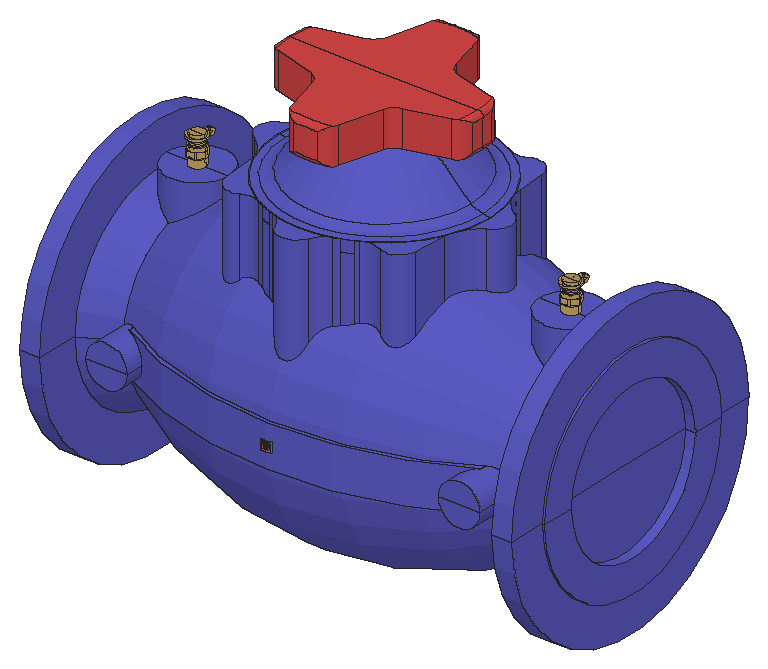
Revit family "Strangregulierventil für Differenzdruckmessung, Geradsitzform 4218 GMF", category Rohrzubehör, Revit 2021 (continued)
Definition of nested family "Messstutzen_Band_Austritt_senkrecht_(oben 25)"
  Forms (mm)
    Extrusion 4, solid, detail levels fine
      sketch origin (12.045, 0, 25.83) x (0, 1, 0) y (0.906308, 0, -0.422618)
        loop
          circle (0, 0) r 3.7
        loop
          arc (5.505, -3.906) -> (7.288, -2.358) -> (9.582, -1.8) r 5
          line (9.582, -1.8) -> (9.582, 1.8)
          arc (9.582, 1.8) -> (7.288, 2.358) -> (5.505, 3.906) r 5
          arc (5.505, 3.906) -> (-6.75, 0) -> (5.505, -3.906) r 6.75
      from 0 to -1.5
    Extrusion 5, solid, detail levels fine
      sketch origin (14.022, 0, 30.07) x (0, 1, 0) y (0.906308, 0, -0.422618)
        loop
          circle (0, 0) r 6.1
        loop
          arc (8.652, -4.495) -> (10.493, -2.527) -> (13.089, -1.8) r 5
          line (13.089, -1.8) -> (13.089, 1.8)
          arc (13.089, 1.8) -> (10.493, 2.527) -> (8.652, 4.495) r 5
          arc (8.652, 4.495) -> (-9.75, 0) -> (8.652, -4.495) r 9.75
      from 0 to -1.5
    Sweep 6, solid, detail levels fine
      path origin (0.876, 0.242, 1.118) x (-0.422618, 0, -0.906308) y (0, 1, 0)
        loop
          line (-27.75, 9.582) -> (-27.75, 14.522)
          arc (-27.75, 14.522) -> (-30.089, 16.862) -> (-32.428, 14.522) r 2.339
          line (-32.428, 14.522) -> (-32.428, 13.089)
      profile origin (12.603, 12.294, 26.268) x (0.422618, 0, 0.906308) y (0.906308, 0, -0.422618)
        loop
          line (-0.75, -1.8) -> (0.75, -1.8) -> (0.75, 1.8) -> (-0.75, 1.8) -> (-0.75, -1.8)
  Dimensions and locks
    aligned and locked: level to plane 2
Definition of nested family "Messstutzen_Band_Austritt_senkrecht_(oben 0.8)"
  Parameters (values of type "Messstutzen_Band_Austritt_senkrecht_(oben 0.8)")
    Default Elevation = 0.00 mm
    URL = "www.herz-armaturen.at"
    Schutzkappe [instance] = yes
    Nennweite [instance] = 0.00 mm
    Manufacturer = "Herz Armaturen GmbH"  # constant formula
    Gewicht [instance] = 0.00 kg
    Bestellnummer [instance] = 0
  Reference planes
    plane 1 "Mitte (Vorne/hinten)": y = 0
    plane 2: z = 0
    plane 3 "Mitte (Links/rechts)": x = 0
  Forms (mm)
    Revolve 1, solid, detail levels fine
      sketch origin (0, 0, 0) x (0.999903, 0, -0.013962) y (0.013962, 0, 0.999903)
        loop
          line (-7.4, 9) -> (-5.55, 9) -> (-5.55, 6)
          arc (-5.55, 6) -> (-5.626, 5.617) -> (-5.843, 5.293) r 1
          line (-5.843, 5.293) -> (-6.455, 4.681) -> (-6.455, 0.9) -> (-5.555, 0) -> (-2, 0) -> (-2, 17.5) -> (-8.4, 17.5)
          arc (-8.4, 17.5) -> (-7.693, 17.207) -> (-7.4, 16.5) r 1
          line (-7.4, 16.5) -> (-7.4, 9)
        loop
          line (-3.7, 27) -> (-7.3, 27) -> (-7.9, 26.4) -> (-7.9, 23) -> (-2, 23) -> (-2, 35.8) -> (-3.805, 35.8) -> (-4.415, 35.19) -> (-4.415, 30.863) -> (-3.7, 30.45) -> (-3.7, 27)
        axis (0, 0) -> (0, 35.8)
      angle from 0 to 360
    Extrusion 2, solid, detail levels fine
      sketch origin (0.244, 0, 17.498) x (0, 1, 0) y (-0.999903, 0, 0.013962)
        loop
          arc (-7.07, 5.156) -> (-7.578, 4.375) -> (-8, 3.544) r 8.75
          line (-8, 3.544) -> (-8, -3.544)
          arc (-8, -3.544) -> (-7.578, -4.375) -> (-7.07, -5.156) r 8.75
          line (-7.07, -5.156) -> (-0.93, -8.7)
          arc (-0.93, -8.7) -> (0, -8.75) -> (0.93, -8.7) r 8.75
          line (0.93, -8.7) -> (7.07, -5.156)
          arc (7.07, -5.156) -> (7.578, -4.375) -> (8, -3.544) r 8.75
          line (8, -3.544) -> (8, 3.544)
          arc (8, 3.544) -> (7.578, 4.375) -> (7.07, 5.156) r 8.75
          line (7.07, 5.156) -> (0.93, 8.7)
          arc (0.93, 8.7) -> (0, 8.75) -> (-0.93, 8.7) r 8.75
          line (-0.93, 8.7) -> (-7.07, 5.156)
      from 0 to 5.5
    Revolve 3, solid, visible <- "Schutzkappe", detail levels fine
      sketch origin (0, 0, 0) x (0.999903, 0, -0.013962) y (0.013962, 0, 0.999903)
        loop
          line (0, 35.878) -> (0, 36.678) -> (-7, 36.678) -> (-7, 33.378) -> (-6.1, 33.378) -> (-6.1, 31.678) -> (-6.9, 31.678) -> (-6.9, 30.178) -> (-4.415, 30.178) -> (-4.415, 35.268) -> (-3.805, 35.878) -> (0, 35.878)
        axis (0, 30.178) -> (0, 36.678)
      angle from 0 to 360
    Extrusion 4, solid, detail levels fine
      sketch origin (0.398, 0, 28.497) x (0, 1, 0) y (0.999903, 0, -0.013962)
        loop
          circle (0, 0) r 3.7
        loop
          arc (5.505, -3.906) -> (7.288, -2.358) -> (9.582, -1.8) r 5
          line (9.582, -1.8) -> (9.582, 1.8)
          arc (9.582, 1.8) -> (7.288, 2.358) -> (5.505, 3.906) r 5
          arc (5.505, 3.906) -> (-6.75, 0) -> (5.505, -3.906) r 6.75
      from 0 to -1.5
    Extrusion 5, solid, detail levels fine
      sketch origin (0.463, 0, 33.175) x (0, 1, 0) y (0.999903, 0, -0.013962)
        loop
          circle (0, 0) r 6.1
        loop
          arc (8.652, -4.495) -> (10.493, -2.527) -> (13.089, -1.8) r 5
          line (13.089, -1.8) -> (13.089, 1.8)
          arc (13.089, 1.8) -> (10.493, 2.527) -> (8.652, 4.495) r 5
          arc (8.652, 4.495) -> (-9.75, 0) -> (8.652, -4.495) r 9.75
      from 0 to -1.5
    Sweep 6, solid, detail levels fine
      path origin (0.514, 0.493, 1.007) x (-0.013962, 0, -0.999903) y (0, 1, 0)
        loop
          line (-27.75, 9.582) -> (-27.75, 14.522)
          arc (-27.75, 14.522) -> (-30.089, 16.862) -> (-32.428, 14.522) r 2.339
          line (-32.428, 14.522) -> (-32.428, 13.089)
      profile origin (0.901, 12.545, 28.754) x (0.013962, 0, 0.999903) y (0.999903, 0, -0.013962)
        loop
          line (-0.75, -1.8) -> (0.75, -1.8) -> (0.75, 1.8) -> (-0.75, 1.8) -> (-0.75, -1.8)
  Dimensions and locks
    aligned and locked: level to plane 2
Definition of nested family "Messstutzen_Band_Eintritt_senkrecht_(oben 10)"
  Parameters (values of type "Messstutzen_Band_Eintritt_senkrecht_(oben 10)")
    Default Elevation = 0.00 mm
    URL = "www.herz-armaturen.at"
    Schutzkappe [instance] = yes
    Nennweite [instance] = 0.00 mm
    Manufacturer = "Herz Armaturen GmbH"  # constant formula
    Gewicht [instance] = 0.00 kg
    Bestellnummer [instance] = 0
  Reference planes
    plane 1 "Mitte (Vorne/hinten)": y = 0
    plane 2: z = 0
    plane 3 "Mitte (Links/rechts)": x = 0
  Forms (mm)
    Revolve 1, solid, detail levels fine
      sketch origin (0, 0, 0) x (0.984808, 0, 0.173648) y (-0.173648, 0, 0.984808)
        loop
          line (-7.4, 9) -> (-5.55, 9) -> (-5.55, 6)
          arc (-5.55, 6) -> (-5.626, 5.617) -> (-5.843, 5.293) r 1
          line (-5.843, 5.293) -> (-6.455, 4.681) -> (-6.455, 0.9) -> (-5.555, 0) -> (-2, 0) -> (-2, 17.5) -> (-8.4, 17.5)
          arc (-8.4, 17.5) -> (-7.693, 17.207) -> (-7.4, 16.5) r 1
          line (-7.4, 16.5) -> (-7.4, 9)
        loop
          line (-3.7, 27) -> (-7.3, 27) -> (-7.9, 26.4) -> (-7.9, 23) -> (-2, 23) -> (-2, 35.8) -> (-3.805, 35.8) -> (-4.415, 35.19) -> (-4.415, 30.863) -> (-3.7, 30.45) -> (-3.7, 27)
        axis (0, 0) -> (0, 35.8)
      angle from 0 to 360
    Extrusion 2, solid, detail levels fine
      sketch origin (-3.039, 0, 17.234) x (0, 1, 0) y (-0.984808, 0, -0.173648)
        loop
          arc (-7.07, 5.156) -> (-7.578, 4.375) -> (-8, 3.544) r 8.75
          line (-8, 3.544) -> (-8, -3.544)
          arc (-8, -3.544) -> (-7.578, -4.375) -> (-7.07, -5.156) r 8.75
          line (-7.07, -5.156) -> (-0.93, -8.7)
          arc (-0.93, -8.7) -> (0, -8.75) -> (0.93, -8.7) r 8.75
          line (0.93, -8.7) -> (7.07, -5.156)
          arc (7.07, -5.156) -> (7.578, -4.375) -> (8, -3.544) r 8.75
          line (8, -3.544) -> (8, 3.544)
          arc (8, 3.544) -> (7.578, 4.375) -> (7.07, 5.156) r 8.75
          line (7.07, 5.156) -> (0.93, 8.7)
          arc (0.93, 8.7) -> (0, 8.75) -> (-0.93, 8.7) r 8.75
          line (-0.93, 8.7) -> (-7.07, 5.156)
      from 0 to 5.5
    Revolve 3, solid, visible <- "Schutzkappe", detail levels fine
      sketch origin (0, 0, 0) x (0.984808, 0, 0.173648) y (-0.173648, 0, 0.984808)
        loop
          line (0, 35.878) -> (0, 36.678) -> (-7, 36.678) -> (-7, 33.378) -> (-6.1, 33.378) -> (-6.1, 31.678) -> (-6.9, 31.678) -> (-6.9, 30.178) -> (-4.415, 30.178) -> (-4.415, 35.268) -> (-3.805, 35.878) -> (0, 35.878)
        axis (0, 30.178) -> (0, 36.678)
      angle from 0 to 360
    Extrusion 4, solid, detail levels fine
      sketch origin (-4.949, 0, 28.067) x (0, 1, 0) y (0.984808, 0, 0.173648)
        loop
          circle (0, 0) r 3.7
        loop
          arc (5.505, -3.906) -> (7.288, -2.358) -> (9.582, -1.8) r 5
          line (9.582, -1.8) -> (9.582, 1.8)
          arc (9.582, 1.8) -> (7.288, 2.358) -> (5.505, 3.906) r 5
          arc (5.505, 3.906) -> (-6.75, 0) -> (5.505, -3.906) r 6.75
      from 0 to -1.5
    Extrusion 5, solid, detail levels fine
      sketch origin (-5.761, 0, 32.674) x (0, 1, 0) y (0.984808, 0, 0.173648)
        loop
          circle (0, 0) r 6.1
        loop
          arc (8.652, -4.495) -> (10.493, -2.527) -> (13.089, -1.8) r 5
          line (13.089, -1.8) -> (13.089, 1.8)
          arc (13.089, 1.8) -> (10.493, 2.527) -> (8.652, 4.495) r 5
          arc (8.652, 4.495) -> (-9.75, 0) -> (8.652, -4.495) r 9.75
      from 0 to -1.5
    Sweep 6, solid, detail levels fine
      path origin (0.6, 0.141, 0.838) x (0.173648, 0, -0.984808) y (0, 1, 0)
        loop
          line (-27.75, 9.582) -> (-27.75, 14.522)
          arc (-27.75, 14.522) -> (-30.089, 16.862) -> (-32.428, 14.522) r 2.339
          line (-32.428, 14.522) -> (-32.428, 13.089)
      profile origin (-4.219, 12.193, 28.166) x (-0.173648, 0, 0.984808) y (0.984808, 0, 0.173648)
        loop
          line (-0.75, -1.8) -> (0.75, -1.8) -> (0.75, 1.8) -> (-0.75, 1.8) -> (-0.75, -1.8)
  Dimensions and locks
    aligned and locked: level to plane 2
Definition of nested family "Messstutzen_Band_Eintritt_senkrecht_(oben 15)"
  Parameters (values of type "Messstutzen_Band_Eintritt_senkrecht_(oben 15)")
    Default Elevation = 0.00 mm
    URL = "www.herz-armaturen.at"
    Schutzkappe [instance] = yes
    Nennweite [instance] = 0.00 mm
    Manufacturer = "Herz Armaturen GmbH"  # constant formula
    Gewicht [instance] = 0.00 kg
    Bestellnummer [instance] = 0
  Reference planes
    plane 1 "Mitte (Vorne/hinten)": y = 0
    plane 2: z = 0
    plane 3 "Mitte (Links/rechts)": x = 0
  Forms (mm)
    Revolve 1, solid, detail levels fine
      sketch origin (0, 0, 0) x (0.965926, 0, 0.258819) y (-0.258819, 0, 0.965926)
        loop
          line (-7.4, 9) -> (-5.55, 9) -> (-5.55, 6)
          arc (-5.55, 6) -> (-5.626, 5.617) -> (-5.843, 5.293) r 1
          line (-5.843, 5.293) -> (-6.455, 4.681) -> (-6.455, 0.9) -> (-5.555, 0) -> (-2, 0) -> (-2, 17.5) -> (-8.4, 17.5)
          arc (-8.4, 17.5) -> (-7.693, 17.207) -> (-7.4, 16.5) r 1
          line (-7.4, 16.5) -> (-7.4, 9)
        loop
          line (-3.7, 27) -> (-7.3, 27) -> (-7.9, 26.4) -> (-7.9, 23) -> (-2, 23) -> (-2, 35.8) -> (-3.805, 35.8) -> (-4.415, 35.19) -> (-4.415, 30.863) -> (-3.7, 30.45) -> (-3.7, 27)
        axis (0, 0) -> (0, 35.8)
      angle from 0 to 360
    Extrusion 2, solid, detail levels fine
      sketch origin (-4.529, 0, 16.904) x (0, 1, 0) y (-0.965926, 0, -0.258819)
        loop
          arc (-7.07, 5.156) -> (-7.578, 4.375) -> (-8, 3.544) r 8.75
          line (-8, 3.544) -> (-8, -3.544)
          arc (-8, -3.544) -> (-7.578, -4.375) -> (-7.07, -5.156) r 8.75
          line (-7.07, -5.156) -> (-0.93, -8.7)
          arc (-0.93, -8.7) -> (0, -8.75) -> (0.93, -8.7) r 8.75
          line (0.93, -8.7) -> (7.07, -5.156)
          arc (7.07, -5.156) -> (7.578, -4.375) -> (8, -3.544) r 8.75
          line (8, -3.544) -> (8, 3.544)
          arc (8, 3.544) -> (7.578, 4.375) -> (7.07, 5.156) r 8.75
          line (7.07, 5.156) -> (0.93, 8.7)
          arc (0.93, 8.7) -> (0, 8.75) -> (-0.93, 8.7) r 8.75
          line (-0.93, 8.7) -> (-7.07, 5.156)
      from 0 to 5.5
    Revolve 3, solid, visible <- "Schutzkappe", detail levels fine
      sketch origin (0, 0, 0) x (0.965926, 0, 0.258819) y (-0.258819, 0, 0.965926)
        loop
          line (0, 35.878) -> (0, 36.678) -> (-7, 36.678) -> (-7, 33.378) -> (-6.1, 33.378) -> (-6.1, 31.678) -> (-6.9, 31.678) -> (-6.9, 30.178) -> (-4.415, 30.178) -> (-4.415, 35.268) -> (-3.805, 35.878) -> (0, 35.878)
        axis (0, 30.178) -> (0, 36.678)
      angle from 0 to 360
    Extrusion 4, solid, detail levels fine
      sketch origin (-7.376, 0, 27.529) x (0, 1, 0) y (0.965926, 0, 0.258819)
        loop
          circle (0, 0) r 3.7
        loop
          arc (5.505, -3.906) -> (7.288, -2.358) -> (9.582, -1.8) r 5
          line (9.582, -1.8) -> (9.582, 1.8)
          arc (9.582, 1.8) -> (7.288, 2.358) -> (5.505, 3.906) r 5
          arc (5.505, 3.906) -> (-6.75, 0) -> (5.505, -3.906) r 6.75
      from 0 to -1.5
    Extrusion 5, solid, detail levels fine
      sketch origin (-8.587, 0, 32.048) x (0, 1, 0) y (0.965926, 0, 0.258819)
        loop
          circle (0, 0) r 6.1
        loop
          arc (8.652, -4.495) -> (10.493, -2.527) -> (13.089, -1.8) r 5
          line (13.089, -1.8) -> (13.089, 1.8)
          arc (13.089, 1.8) -> (10.493, 2.527) -> (8.652, 4.495) r 5
          arc (8.652, 4.495) -> (-9.75, 0) -> (8.652, -4.495) r 9.75
      from 0 to -1.5
    Sweep 6, solid, detail levels fine
      path origin (0.468, 0.277, 0.942) x (0.258819, 0, -0.965926) y (0, 1, 0)
        loop
          line (-27.75, 9.582) -> (-27.75, 14.522)
          arc (-27.75, 14.522) -> (-30.089, 16.862) -> (-32.428, 14.522) r 2.339
          line (-32.428, 14.522) -> (-32.428, 13.089)
      profile origin (-6.714, 12.329, 27.747) x (-0.258819, 0, 0.965926) y (0.965926, 0, 0.258819)
        loop
          line (-0.75, -1.8) -> (0.75, -1.8) -> (0.75, 1.8) -> (-0.75, 1.8) -> (-0.75, -1.8)
  Dimensions and locks
    aligned and locked: level to plane 2
Definition of nested family "Messstutzen_Band_Eintritt_senkrecht_(oben 25)"
  Parameters (values of type "Messstutzen_Band_Eintritt_senkrecht_(oben 25)")
    Default Elevation = 0.00 mm
    URL = "www.herz-armaturen.at"
    Schutzkappe [instance] = yes
    Nennweite [instance] = 0.00 mm
    Manufacturer = "Herz Armaturen GmbH"  # constant formula
    Gewicht [instance] = 0.00 kg
    Bestellnummer [instance] = 0
  Reference planes
    plane 1 "Mitte (Vorne/hinten)": y = 0
    plane 2: z = 0
    plane 3 "Mitte (Links/rechts)": x = 0
  Forms (mm)
    Revolve 1, solid, detail levels fine
      sketch origin (0, 0, 0) x (0.906308, 0, 0.422618) y (-0.422618, 0, 0.906308)
        loop
          line (-7.4, 9) -> (-5.55, 9) -> (-5.55, 6)
          arc (-5.55, 6) -> (-5.626, 5.617) -> (-5.843, 5.293) r 1
          line (-5.843, 5.293) -> (-6.455, 4.681) -> (-6.455, 0.9) -> (-5.555, 0) -> (-2, 0) -> (-2, 17.5) -> (-8.4, 17.5)
          arc (-8.4, 17.5) -> (-7.693, 17.207) -> (-7.4, 16.5) r 1
          line (-7.4, 16.5) -> (-7.4, 9)
        loop
          line (-3.7, 27) -> (-7.3, 27) -> (-7.9, 26.4) -> (-7.9, 23) -> (-2, 23) -> (-2, 35.8) -> (-3.805, 35.8) -> (-4.415, 35.19) -> (-4.415, 30.863) -> (-3.7, 30.45) -> (-3.7, 27)
        axis (0, 0) -> (0, 35.8)
      angle from 0 to 360
    Extrusion 2, solid, detail levels fine
      sketch origin (-7.396, 0, 15.86) x (0, 1, 0) y (-0.906308, 0, -0.422618)
        loop
          arc (-7.07, 5.156) -> (-7.578, 4.375) -> (-8, 3.544) r 8.75
          line (-8, 3.544) -> (-8, -3.544)
          arc (-8, -3.544) -> (-7.578, -4.375) -> (-7.07, -5.156) r 8.75
          line (-7.07, -5.156) -> (-0.93, -8.7)
          arc (-0.93, -8.7) -> (0, -8.75) -> (0.93, -8.7) r 8.75
          line (0.93, -8.7) -> (7.07, -5.156)
          arc (7.07, -5.156) -> (7.578, -4.375) -> (8, -3.544) r 8.75
          line (8, -3.544) -> (8, 3.544)
          arc (8, 3.544) -> (7.578, 4.375) -> (7.07, 5.156) r 8.75
          line (7.07, 5.156) -> (0.93, 8.7)
          arc (0.93, 8.7) -> (0, 8.75) -> (-0.93, 8.7) r 8.75
          line (-0.93, 8.7) -> (-7.07, 5.156)
      from 0 to 5.5
    Revolve 3, solid, visible <- "Schutzkappe", detail levels fine
      sketch origin (0, 0, 0) x (0.906308, 0, 0.422618) y (-0.422618, 0, 0.906308)
        loop
          line (0, 35.878) -> (0, 36.678) -> (-7, 36.678) -> (-7, 33.378) -> (-6.1, 33.378) -> (-6.1, 31.678) -> (-6.9, 31.678) -> (-6.9, 30.178) -> (-4.415, 30.178) -> (-4.415, 35.268) -> (-3.805, 35.878) -> (0, 35.878)
        axis (0, 30.178) -> (0, 36.678)
      angle from 0 to 360
    Extrusion 4, solid, detail levels fine
      sketch origin (-12.045, 0, 25.83) x (0, 1, 0) y (0.906308, 0, 0.422618)
        loop
          circle (0, 0) r 3.7
        loop
          arc (5.505, -3.906) -> (7.288, -2.358) -> (9.582, -1.8) r 5
          line (9.582, -1.8) -> (9.582, 1.8)
          arc (9.582, 1.8) -> (7.288, 2.358) -> (5.505, 3.906) r 5
          arc (5.505, 3.906) -> (-6.75, 0) -> (5.505, -3.906) r 6.75
      from 0 to -1.5
    Extrusion 5, solid, detail levels fine
      sketch origin (-14.022, 0, 30.07) x (0, 1, 0) y (0.906308, 0, 0.422618)
        loop
          circle (0, 0) r 6.1
        loop
          arc (8.652, -4.495) -> (10.493, -2.527) -> (13.089, -1.8) r 5
          line (13.089, -1.8) -> (13.089, 1.8)
          arc (13.089, 1.8) -> (10.493, 2.527) -> (8.652, 4.495) r 5
          arc (8.652, 4.495) -> (-9.75, 0) -> (8.652, -4.495) r 9.75
      from 0 to -1.5
    Sweep 6, solid, detail levels fine
      path origin (-0.876, 0.242, 1.118) x (0.422618, 0, -0.906308) y (0, 1, 0)
        loop
          line (-27.75, 9.582) -> (-27.75, 14.522)
          arc (-27.75, 14.522) -> (-30.089, 16.862) -> (-32.428, 14.522) r 2.339
          line (-32.428, 14.522) -> (-32.428, 13.089)
      profile origin (-12.603, 12.294, 26.268) x (-0.422618, 0, 0.906308) y (0.906308, 0, 0.422618)
        loop
          line (-0.75, -1.8) -> (0.75, -1.8) -> (0.75, 1.8) -> (-0.75, 1.8) -> (-0.75, -1.8)
  Dimensions and locks
    aligned and locked: level to plane 2
Definition of nested family "Messstutzen_Band_Eintritt_senkrecht_(oben 0.8)"
  Parameters (values of type "Messstutzen_Band_Eintritt_senkrecht_(oben 0.8)")
    Default Elevation = 0.00 mm
    URL = "www.herz-armaturen.at"
    Schutzkappe [instance] = yes
    Nennweite [instance] = 0.00 mm
    Manufacturer = "Herz Armaturen GmbH"  # constant formula
    Gewicht [instance] = 0.00 kg
    Bestellnummer [instance] = 0
  Reference planes
    plane 1 "Mitte (Vorne/hinten)": y = 0
    plane 2: z = 0
    plane 3 "Mitte (Links/rechts)": x = 0
  Forms (mm)
    Revolve 1, solid, detail levels fine
      sketch origin (0, 0, 0) x (0.999903, 0, 0.013962) y (-0.013962, 0, 0.999903)
        loop
          line (-7.4, 9) -> (-5.55, 9) -> (-5.55, 6)
          arc (-5.55, 6) -> (-5.626, 5.617) -> (-5.843, 5.293) r 1
          line (-5.843, 5.293) -> (-6.455, 4.681) -> (-6.455, 0.9) -> (-5.555, 0) -> (-2, 0) -> (-2, 17.5) -> (-8.4, 17.5)
          arc (-8.4, 17.5) -> (-7.693, 17.207) -> (-7.4, 16.5) r 1
          line (-7.4, 16.5) -> (-7.4, 9)
        loop
          line (-3.7, 27) -> (-7.3, 27) -> (-7.9, 26.4) -> (-7.9, 23) -> (-2, 23) -> (-2, 35.8) -> (-3.805, 35.8) -> (-4.415, 35.19) -> (-4.415, 30.863) -> (-3.7, 30.45) -> (-3.7, 27)
        axis (0, 0) -> (0, 35.8)
      angle from 0 to 360
    Extrusion 2, solid, detail levels fine
      sketch origin (-0.244, 0, 17.498) x (0, 1, 0) y (-0.999903, 0, -0.013962)
        loop
          arc (-7.07, 5.156) -> (-7.578, 4.375) -> (-8, 3.544) r 8.75
          line (-8, 3.544) -> (-8, -3.544)
          arc (-8, -3.544) -> (-7.578, -4.375) -> (-7.07, -5.156) r 8.75
          line (-7.07, -5.156) -> (-0.93, -8.7)
          arc (-0.93, -8.7) -> (0, -8.75) -> (0.93, -8.7) r 8.75
          line (0.93, -8.7) -> (7.07, -5.156)
          arc (7.07, -5.156) -> (7.578, -4.375) -> (8, -3.544) r 8.75
          line (8, -3.544) -> (8, 3.544)
          arc (8, 3.544) -> (7.578, 4.375) -> (7.07, 5.156) r 8.75
          line (7.07, 5.156) -> (0.93, 8.7)
          arc (0.93, 8.7) -> (0, 8.75) -> (-0.93, 8.7) r 8.75
          line (-0.93, 8.7) -> (-7.07, 5.156)
      from 0 to 5.5
    Revolve 3, solid, visible <- "Schutzkappe", detail levels fine
      sketch origin (0, 0, 0) x (0.999903, 0, 0.013962) y (-0.013962, 0, 0.999903)
        loop
          line (0, 35.878) -> (0, 36.678) -> (-7, 36.678) -> (-7, 33.378) -> (-6.1, 33.378) -> (-6.1, 31.678) -> (-6.9, 31.678) -> (-6.9, 30.178) -> (-4.415, 30.178) -> (-4.415, 35.268) -> (-3.805, 35.878) -> (0, 35.878)
        axis (0, 30.178) -> (0, 36.678)
      angle from 0 to 360
    Extrusion 4, solid, detail levels fine
      sketch origin (-0.398, 0, 28.497) x (0, 1, 0) y (0.999903, 0, 0.013962)
        loop
          circle (0, 0) r 3.7
        loop
          arc (5.505, -3.906) -> (7.288, -2.358) -> (9.582, -1.8) r 5
          line (9.582, -1.8) -> (9.582, 1.8)
          arc (9.582, 1.8) -> (7.288, 2.358) -> (5.505, 3.906) r 5
          arc (5.505, 3.906) -> (-6.75, 0) -> (5.505, -3.906) r 6.75
      from 0 to -1.5
    Extrusion 5, solid, detail levels fine
      sketch origin (-0.463, 0, 33.175) x (0, 1, 0) y (0.999903, 0, 0.013962)
        loop
          circle (0, 0) r 6.1
        loop
          arc (8.652, -4.495) -> (10.493, -2.527) -> (13.089, -1.8) r 5
          line (13.089, -1.8) -> (13.089, 1.8)
          arc (13.089, 1.8) -> (10.493, 2.527) -> (8.652, 4.495) r 5
          arc (8.652, 4.495) -> (-9.75, 0) -> (8.652, -4.495) r 9.75
      from 0 to -1.5
    Sweep 6, solid, detail levels fine
      path origin (0.447, 0.318, 1.252) x (0.013962, 0, -0.999903) y (0, 1, 0)
        loop
          line (-27.75, 9.582) -> (-27.75, 14.522)
          arc (-27.75, 14.522) -> (-30.089, 16.862) -> (-32.428, 14.522) r 2.339
          line (-32.428, 14.522) -> (-32.428, 13.089)
      profile origin (0.059, 12.37, 29) x (-0.013962, 0, 0.999903) y (0.999903, 0, 0.013962)
        loop
          line (-0.75, -1.8) -> (0.75, -1.8) -> (0.75, 1.8) -> (-0.75, 1.8) -> (-0.75, -1.8)
  Dimensions and locks
    aligned and locked: level to plane 2
Definition of nested family "Strangregulierventil-Handrad-Gerade (Rot) DN15-DN40"
  Parameters (values of type "Strangregulierventil-Handrad-Gerade (Rot) DN15-DN40")
    Default Elevation = 0.00 mm
    URL = "www.herz-armaturen.at"
    Nennweite [instance] = 0.00 mm
    Manufacturer = "Herz Armaturen GmbH"  # constant formula
    Gewicht [instance] = 0.00 kg
    Bestellnummer [instance] = 0
  Reference planes
    plane 1 "Mitte (Vorne/hinten)": y = 0
    plane 2: z = 0
    plane 3 "Mitte (Links/rechts)": x = 0
  Forms (mm)
    Revolve 1, solid, detail levels fine
      sketch origin (0, 0, 0) x (1, 0, 0) y (0, 0, 1)
        loop
          line (0, 0) -> (0, 24.95) -> (-30.992, 24.95)
          arc (-30.992, 24.95) -> (-34.37, 23.636) -> (-35.973, 20.386) r 5
          line (-35.973, 20.386) -> (-37, 8.65) -> (-35.986, -2.936)
          arc (-35.986, -2.936) -> (-34.383, -6.186) -> (-31.005, -7.5) r 5
          line (-31.005, -7.5) -> (-15, -7.5) -> (-15, 0) -> (0, 0)
        axis (0, 24.95) -> (0, -7.5)
      angle from 0 to 360
    Extrusion 2, void
      sketch origin (0, 0, 20.3) x (1, 0, 0) y (0, 1, 0)
        loop
          line (3.861, 35.5) -> (-3.861, 35.5)
          arc (-3.861, 35.5) -> (-8.731, 33.847) -> (-11.589, 29.571) r 8
          line (-11.589, 29.571) -> (-13.284, 23.245)
          arc (-13.284, 23.245) -> (-13.982, 21.722) -> (-15.144, 20.516) r 5
          arc (-15.144, 20.516) -> (-18.031, 18.031) -> (-20.516, 15.144) r 25.5
          arc (-20.516, 15.144) -> (-21.722, 13.982) -> (-23.245, 13.284) r 5
          line (-23.245, 13.284) -> (-29.571, 11.589)
          arc (-29.571, 11.589) -> (-33.847, 8.731) -> (-35.5, 3.861) r 8
          line (-35.5, 3.861) -> (-35.5, -3.861)
          arc (-35.5, -3.861) -> (-33.847, -8.731) -> (-29.571, -11.589) r 8
          line (-29.571, -11.589) -> (-23.245, -13.284)
          arc (-23.245, -13.284) -> (-21.722, -13.982) -> (-20.516, -15.144) r 5
          arc (-20.516, -15.144) -> (-18.031, -18.031) -> (-15.144, -20.516) r 25.5
          arc (-15.144, -20.516) -> (-13.982, -21.722) -> (-13.284, -23.245) r 5
          line (-13.284, -23.245) -> (-11.589, -29.571)
          arc (-11.589, -29.571) -> (-8.731, -33.847) -> (-3.861, -35.5) r 8
          line (-3.861, -35.5) -> (3.861, -35.5)
          arc (3.861, -35.5) -> (8.731, -33.847) -> (11.589, -29.571) r 8
          line (11.589, -29.571) -> (13.284, -23.245)
          arc (13.284, -23.245) -> (13.982, -21.722) -> (15.144, -20.516) r 5
          arc (15.144, -20.516) -> (18.031, -18.031) -> (20.516, -15.144) r 25.5
          arc (20.516, -15.144) -> (21.722, -13.982) -> (23.245, -13.284) r 5
          line (23.245, -13.284) -> (29.571, -11.589)
          arc (29.571, -11.589) -> (33.847, -8.731) -> (35.5, -3.861) r 8
          line (35.5, -3.861) -> (35.5, 3.861)
          arc (35.5, 3.861) -> (33.847, 8.731) -> (29.571, 11.589) r 8
          line (29.571, 11.589) -> (23.245, 13.284)
          arc (23.245, 13.284) -> (21.722, 13.982) -> (20.516, 15.144) r 5
          arc (20.516, 15.144) -> (18.031, 18.031) -> (15.144, 20.516) r 25.5
          arc (15.144, 20.516) -> (13.982, 21.722) -> (13.284, 23.245) r 5
          line (13.284, 23.245) -> (11.589, 29.571)
          arc (11.589, 29.571) -> (8.731, 33.847) -> (3.861, 35.5) r 8
        loop
          circle (0, 0) r 38
      from -31.266 to 7.923
  Cuts and joins
    Extrusion 2 cuts Revolve 1
  Dimensions and locks
    Revolve 1 sketch curve to Revolve 1 sketch curve = 15.00 mm
    Revolve 1 sketch curve to Revolve 1 sketch curve = 16.15 mm
    Revolve 1 sketch curve to Revolve 1 sketch curve = 16.30 mm
    angle Revolve 1 sketch curve to Revolve 1 sketch curve = 95.00°
    aligned and locked: level to plane 2
Definition of nested family "Strangregulierventil-Handrad-Gerade (Rot) DN50-DN80"
  Parameters (values of type "Strangregulierventil-Handrad-Gerade (Rot) DN50-DN80")
    Default Elevation = 0.00 mm
    URL = "www.herz-armaturen.at"
    Nennweite [instance] = 0.00 mm
    Manufacturer = "Herz Armaturen GmbH"  # constant formula
    Gewicht [instance] = 0.00 kg
    Bestellnummer [instance] = 0
  Reference planes
    plane 1 "Mitte (Vorne/hinten)": y = 0
    plane 2: z = 0
    plane 3 "Mitte (Links/rechts)": x = 0
  Forms (mm)
    Revolve 1, solid, detail levels fine
      sketch origin (0, 0, 0) x (1, 0, 0) y (0, 0, 1)
        loop
          line (0, 0) -> (0, 24.95) -> (-50.992, 24.95)
          arc (-50.992, 24.95) -> (-54.37, 23.636) -> (-55.973, 20.386) r 5
          line (-55.973, 20.386) -> (-57, 8.65) -> (-55.986, -2.936)
          arc (-55.986, -2.936) -> (-54.383, -6.186) -> (-51.005, -7.5) r 5
          line (-51.005, -7.5) -> (-15, -7.5) -> (-15, 0) -> (0, 0)
        axis (0, 24.95) -> (0, -7.5)
      angle from 0 to 360
    Extrusion 2, void
      sketch origin (0, 0, 20.3) x (1, 0, 0) y (0, 1, 0)
        loop
          line (-55, 6.292) -> (-55, -6.292)
          arc (-55, -6.292) -> (-52.52, -13.597) -> (-46.106, -17.883) r 12
          line (-46.106, -17.883) -> (-35.399, -20.752)
          arc (-35.399, -20.752) -> (-33.541, -21.612) -> (-32.08, -23.047) r 6
          arc (-32.08, -23.047) -> (-27.931, -27.931) -> (-23.047, -32.08) r 39.5
          arc (-23.047, -32.08) -> (-21.612, -33.541) -> (-20.752, -35.399) r 6
          line (-20.752, -35.399) -> (-17.883, -46.106)
          arc (-17.883, -46.106) -> (-13.597, -52.52) -> (-6.292, -55) r 12
          line (-6.292, -55) -> (6.292, -55)
          arc (6.292, -55) -> (13.597, -52.52) -> (17.883, -46.106) r 12
          line (17.883, -46.106) -> (20.752, -35.399)
          arc (20.752, -35.399) -> (21.612, -33.541) -> (23.047, -32.08) r 6
          arc (23.047, -32.08) -> (27.931, -27.931) -> (32.08, -23.047) r 39.5
          arc (32.08, -23.047) -> (33.541, -21.612) -> (35.399, -20.752) r 6
          line (35.399, -20.752) -> (46.106, -17.883)
          arc (46.106, -17.883) -> (52.52, -13.597) -> (55, -6.292) r 12
          line (55, -6.292) -> (55, 6.292)
          arc (55, 6.292) -> (52.52, 13.597) -> (46.106, 17.883) r 12
          line (46.106, 17.883) -> (35.399, 20.752)
          arc (35.399, 20.752) -> (33.541, 21.612) -> (32.08, 23.047) r 6
          arc (32.08, 23.047) -> (27.931, 27.931) -> (23.047, 32.08) r 39.5
          arc (23.047, 32.08) -> (21.612, 33.541) -> (20.752, 35.399) r 6
          line (20.752, 35.399) -> (17.883, 46.106)
          arc (17.883, 46.106) -> (13.597, 52.52) -> (6.292, 55) r 12
          line (6.292, 55) -> (-6.292, 55)
          arc (-6.292, 55) -> (-13.597, 52.52) -> (-17.883, 46.106) r 12
          line (-17.883, 46.106) -> (-20.752, 35.399)
          arc (-20.752, 35.399) -> (-21.612, 33.541) -> (-23.047, 32.08) r 6
          arc (-23.047, 32.08) -> (-27.931, 27.931) -> (-32.08, 23.047) r 39.5
          arc (-32.08, 23.047) -> (-33.541, 21.612) -> (-35.399, 20.752) r 6
          line (-35.399, 20.752) -> (-46.106, 17.883)
          arc (-46.106, 17.883) -> (-52.52, 13.597) -> (-55, 6.292) r 12
        loop
          circle (0, 0) r 60
      from -31.161 to 7.489
  Cuts and joins
    Extrusion 2 cuts Revolve 1
  Dimensions and locks
    Revolve 1 sketch curve to Revolve 1 sketch curve = 15.00 mm
    Revolve 1 sketch curve to Revolve 1 sketch curve = 16.15 mm
    Revolve 1 sketch curve to Revolve 1 sketch curve = 16.30 mm
    Revolve 1 sketch curve to Revolve 1 sketch curve = 57.00 mm
    angle Revolve 1 sketch curve to Revolve 1 sketch curve = 95.00°
    aligned and locked: level to plane 2
Definition of nested family "Strangregulierventil-Handrad-Gerade (Rot) DN100-DN150"
  Parameters (values of type "Strangregulierventil-Handrad-Gerade (Rot) DN100-DN150")
    Default Elevation = 0.00 mm
    URL = "www.herz-armaturen.at"
    Nennweite [instance] = 0.00 mm
    Manufacturer = "Herz Armaturen GmbH"  # constant formula
    Gewicht [instance] = 0.00 kg
    Bestellnummer [instance] = 0
  Reference planes
    plane 1 "Mitte (Vorne/hinten)": y = 0
    plane 2: z = 0
    plane 3 "Mitte (Links/rechts)": x = 0
  Forms (mm)
    Revolve 1, solid, detail levels fine
      sketch origin (0, 0, 0) x (1, 0, 0) y (0, 0, 1)
        loop
          line (0, 0) -> (0, 20.8) -> (-90.019, 20.8)
          arc (-90.019, 20.8) -> (-93.397, 19.486) -> (-95, 16.236) r 5
          line (-95, 16.236) -> (-95, -9.166)
          arc (-95, -9.166) -> (-93.362, -12.33) -> (-90.032, -13.6) r 5
          line (-90.032, -13.6) -> (-20, -13.6) -> (-20, 0) -> (0, 0)
        axis (0, 20.8) -> (0, -13.6)
      angle from 0 to 360
    Extrusion 2, void
      sketch origin (0, 0, 20.3) x (1, 0, 0) y (0, 1, 0)
        loop
          circle (0, 0) r 110
        loop
          arc (-8.5, 94.619) -> (-17.649, 91.506) -> (-23, 83.46) r 15
          line (-23, 83.46) -> (-33.535, 44.142)
          arc (-33.535, 44.142) -> (-37.417, 37.417) -> (-44.142, 33.535) r 15
          line (-44.142, 33.535) -> (-83.46, 23)
          arc (-83.46, 23) -> (-91.506, 17.649) -> (-94.619, 8.5) r 15
          arc (-94.619, 8.5) -> (-95, 0) -> (-94.619, -8.5) r 95
          arc (-94.619, -8.5) -> (-91.506, -17.649) -> (-83.46, -23) r 15
          line (-83.46, -23) -> (-44.142, -33.535)
          arc (-44.142, -33.535) -> (-37.417, -37.417) -> (-33.535, -44.142) r 15
          line (-33.535, -44.142) -> (-23, -83.46)
          arc (-23, -83.46) -> (-17.649, -91.506) -> (-8.5, -94.619) r 15
          arc (-8.5, -94.619) -> (0, -95) -> (8.5, -94.619) r 95
          arc (8.5, -94.619) -> (17.649, -91.506) -> (23, -83.46) r 15
          line (23, -83.46) -> (33.535, -44.142)
          arc (33.535, -44.142) -> (37.417, -37.417) -> (44.142, -33.535) r 15
          line (44.142, -33.535) -> (83.46, -23)
          arc (83.46, -23) -> (91.506, -17.649) -> (94.619, -8.5) r 15
          arc (94.619, -8.5) -> (95, 0) -> (94.619, 8.5) r 95
          arc (94.619, 8.5) -> (91.506, 17.649) -> (83.46, 23) r 15
          line (83.46, 23) -> (44.142, 33.535)
          arc (44.142, 33.535) -> (37.417, 37.417) -> (33.535, 44.142) r 15
          line (33.535, 44.142) -> (23, 83.46)
          arc (23, 83.46) -> (17.649, 91.506) -> (8.5, 94.619) r 15
          arc (8.5, 94.619) -> (0, 95) -> (-8.5, 94.619) r 95
      from -51.286 to 22
  Cuts and joins
    Extrusion 2 cuts Revolve 1
  Dimensions and locks
    Revolve 1 sketch curve to Revolve 1 sketch curve = 20.00 mm
    Revolve 1 sketch curve to Revolve 1 sketch curve = 95.00 mm
    Revolve 1 sketch curve to Revolve 1 sketch curve = 34.40 mm
    plane 2 to Revolve 1 sketch curve = 13.60 mm
    aligned and locked: level to plane 2
